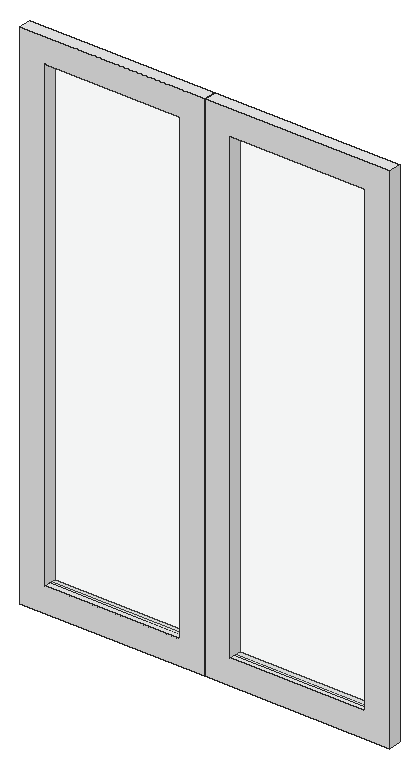
Revit family "CW Sliding Double Glass", category Doors, Revit 2015
Parameters (values of type "50mm")
  Visual Light Transmittance = 0
  Thickness = 50.00 mm
  Thermal Resistance (R) = 0.2701 (m²·K)/W
  Solar Heat Gain Coefficient = 0
  Offset = 50.00 mm
  Model = ""
  Material = none
  Material Glass = none
  Heat Transfer Coefficient (U) = 3.7021 W/(m²·K)
  Function = Interior
  Rail Width = 100.00 mm
  Construction Type = ""
  CQUnit = "pcs"
  CQKeynoteText = ""
  Assembly Code = ""
  Analytic Construction = "Metal"
Reference planes
  plane 1 "Center (Front/Back)": y = 0
  plane 2: z = 0
  plane 3 "Center (Left/Right)": x = 246.923
  plane 4: x = -503.077
  plane 5: x = 996.923
  plane 6 "Top": z = 2100
  plane 7: y = -50
  plane 8: y = -75
  plane 9: y = -100
  plane 10: z = 1050
Forms (mm)
  Extrusion 1, solid, material <- "Material"
    sketch origin (-937.503, 0, 0) x (-1, 0, 0) y (0, 0, -1)
      loop
        line (-1184.426, 0) -> (-1934.426, 0) -> (-1934.426, -2100) -> (-1184.426, -2100) -> (-1184.426, 0)
      loop
        line (-1284.426, -2000) -> (-1284.426, -100) -> (-1834.426, -100) -> (-1834.426, -2000) -> (-1284.426, -2000)
    from 50 to 100
  Extrusion 2, solid, material <- "Material Glass"
    sketch origin (-937.503, 0, 0) x (-1, 0, 0) y (0, 0, -1)
      loop
        line (-1284.426, -100) -> (-1834.426, -100) -> (-1834.426, -2000) -> (-1284.426, -2000) -> (-1284.426, -100)
    from 70 to 80
  Extrusion 3, solid, material <- "Material"
    sketch origin (-937.503, 0, 0) x (-1, 0, 0) y (0, 0, -1)
      loop
        line (-1184.426, 0) -> (-1184.426, -2100) -> (-434.426, -2100) -> (-434.426, 0) -> (-1184.426, 0)
      loop
        line (-1084.426, -2000) -> (-534.426, -2000) -> (-534.426, -100) -> (-1084.426, -100) -> (-1084.426, -2000)
    from 50 to 100
  Extrusion 4, solid, material <- "Material Glass"
    sketch origin (-937.503, 0, 0) x (-1, 0, 0) y (0, 0, -1)
      loop
        line (-1084.426, -100) -> (-1084.426, -2000) -> (-534.426, -2000) -> (-534.426, -100) -> (-1084.426, -100)
    from 70 to 80
Lines and regions (mm)
  symbolic lines, style "Plan Swing"
    curve 1: line (-403.077, 25, 0) -> (146.923, 25, 0)
    curve 2: line (896.923, 25, 0) -> (346.923, 25, 0)
    curve 3: line (-403.077, 25, 0) -> (-294.32, 75.714, 0)
    curve 4: line (896.923, 25, 0) -> (788.166, 75.714, 0)
  symbolic lines, style "Elevation Swing"
    curve 5: line (996.923, 0, 1050) -> (-503.077, 0, 1050)
    curve 6: line (-503.077, 0, 1050) -> (-329.872, 0, 1150)
    curve 7: line (-503.077, 0, 1050) -> (-329.872, 0, 950)
    curve 8: line (996.923, 0, 1050) -> (823.718, 0, 1150)
    curve 9: line (996.923, 0, 1050) -> (823.718, 0, 950)
Text (mm)
  text "Exterior" at (-1161.5, 797.241, 0), in view "Ref. Level"
Dimensions and locks
  equal spacing: plane 4, plane 3 "Center (Left/Right)", plane 5
  "Offset": plane 7 to plane 1 "Center (Front/Back)"
  equal spacing: plane 9, plane 8, plane 7
  "Thickness": plane 9 to plane 7
  equal spacing: Extrusion 2, plane 8, Extrusion 2
  locked: Extrusion 2 to Extrusion 2 at 10
  equal spacing: Extrusion 4, plane 8, Extrusion 4
  locked: Extrusion 4 to Extrusion 4 at 10
  equal spacing: plane 2, plane 10, plane 6 "Top"
  "Rail Width": plane 4 to Extrusion 3
  "Rail Width": plane 3 "Center (Left/Right)" to Extrusion 3
  "Rail Width": Extrusion 1 to plane 3 "Center (Left/Right)"
  "Rail Width": Extrusion 1 to plane 5
  "Rail Width": Extrusion 1 to plane 6 "Top"
  "Rail Width": plane 2 to Extrusion 1
  "Rail Width": plane 2 to Extrusion 3
  "Rail Width": Extrusion 3 to plane 6 "Top"
  locked: curve 1 to Extrusion 3 at 75
  locked: curve 2 to Extrusion 1 at 75
  aligned and locked: Extrusion 1 to Extrusion 2  (x3)
  aligned and locked: Extrusion 1 sketch curve to plane 3 "Center (Left/Right)"
  aligned and locked: Extrusion 2 to Extrusion 1
  aligned and locked: Extrusion 4 to Extrusion 3  (x4)
  aligned and locked: Extrusion 1 to Extrusion 3
  aligned and locked: Extrusion 1 to plane 7
  aligned and locked: Extrusion 3 to plane 7
  aligned and locked: plane 9 to Extrusion 3
  aligned and locked: plane 9 to Extrusion 1
Automatic sketch dimensions
  curve 3 to plane 4 = 100.00 mm
  plane 5 to curve 4 = 100.00 mm
  curve 1 to curve 3 = 108.757 mm
  curve 1 to plane 3 "Center (Left/Right)" = 100.00 mm
  plane 3 "Center (Left/Right)" to curve 2 = 100.00 mm
  curve 4 to curve 2 = 108.757 mm
  curve 2 to curve 4 = 50.714 mm
  curve 1 to curve 3 = 50.714 mm
  Extrusion 2 sketch curve to plane 5 = 100.00 mm
  Extrusion 2 sketch curve to plane 3 "Center (Left/Right)" = 100.00 mm
  Extrusion 2 sketch curve to level = 100.00 mm
  Extrusion 2 sketch curve to plane 6 "Top" = 100.00 mm
  plane 3 "Center (Left/Right)" to Extrusion 4 sketch curve = 100.00 mm
  plane 4 to Extrusion 4 sketch curve = 100.00 mm
  Extrusion 4 sketch curve to level = 100.00 mm
  Extrusion 4 sketch curve to plane 6 "Top" = 100.00 mm
  plane 5 to curve 9 = 0.00 mm
  plane 4 to curve 5 = 0.00 mm
  curve 5 to plane 10 = 0.00 mm
  curve 8 to plane 5 = 173.205 mm
  curve 9 to plane 5 = 173.205 mm
  plane 4 to curve 6 = 173.205 mm
  plane 4 to curve 7 = 173.205 mm
  plane 10 to curve 9 = 100.00 mm
  plane 10 to curve 7 = 100.00 mm
  curve 8 to plane 10 = 100.00 mm
  curve 6 to plane 10 = 100.00 mm
  Extrusion 1 sketch curve to level = 0.00 mm
  plane 5 to Extrusion 1 sketch curve = 0.00 mm
  Extrusion 1 sketch curve to plane 6 "Top" = 0.00 mm
  Extrusion 3 sketch curve to plane 3 "Center (Left/Right)" = 0.00 mm
  plane 4 to Extrusion 3 sketch curve = 0.00 mm
  Extrusion 3 sketch curve to level = 0.00 mm
  Extrusion 3 sketch curve to plane 6 "Top" = 0.00 mm
  plane 3 "Center (Left/Right)" to Extrusion 3 sketch curve = 100.00 mm
  plane 4 to Extrusion 3 sketch curve = 100.00 mm
  Extrusion 3 sketch curve to level = 100.00 mm
  Extrusion 3 sketch curve to plane 6 "Top" = 100.00 mm
  Extrusion 1 sketch curve to plane 5 = 100.00 mm
  Extrusion 1 sketch curve to plane 3 "Center (Left/Right)" = 100.00 mm
  Extrusion 1 sketch curve to level = 100.00 mm
  Extrusion 1 sketch curve to plane 6 "Top" = 100.00 mm
